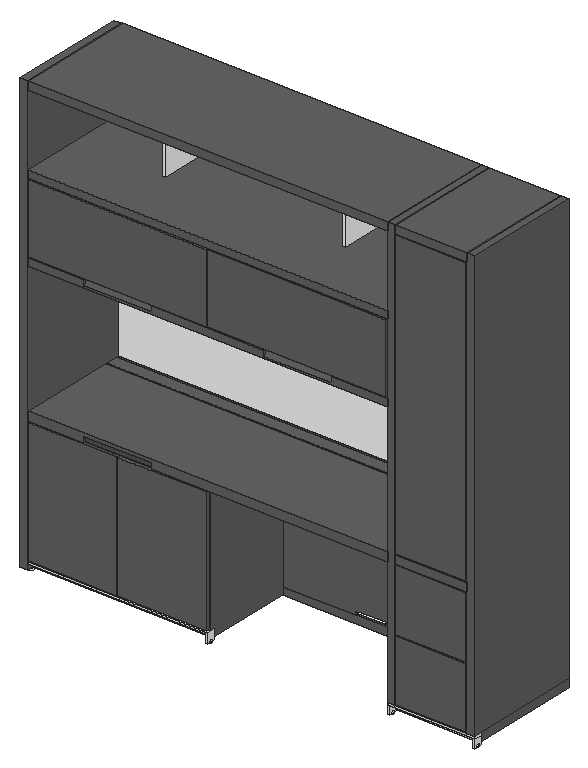
Revit family "Storage-Wall-Teknion-ZXRL_90_High_Without_Lights-R2011", category Furniture Systems, Revit 2013
Parameters (values of type "(See Type Catalog)")
  Working Wall Finish [instance] = Glass - Teknion - K6 - White Backpainted
  Width = 92.642"
  Warranty = "http://www.teknionstudio.com/pdfs/Teknion%20Studio%20Warranty.pdf"
  Wall Unit Finish [instance] = Veneer - Teknion - P7 - Grey Oak
  Unit Weight = 755.00 lbf
  URL = "www.teknionstudio.com"
  Tabletop Cutout Offset = if(Has Double Doors, 0", 4")  # 0"
  Storage Tower = Storage-Unit-Teknion-Tower : Upper Wardrobe & File/File Pedestal
  Series = "B&B Italia"
  Product Page URL = "http://www.teknionstudio.com/acexecutive/"
  Product Line = "AC Executive"
  Product Documentation Link = "http://www.teknionstudio.com/pricing/ac_executive_storage_walls_ppg.pdf"
  Part Number = "ZXRL"
  Model = ""
  Manufacturer Phone = "919-464-2920"
  Manufacturer Fax = "919-464-2927"
  Manufacturer Email = "customersupport@teknionstudio.com"
  Manufacturer Address = "3940 US 70 Business HWY West, Clayton, NC 27520"
  Manufacturer = "Teknion Studio"  # constant formula
  Low Emitting Material = yes
  Low Emitting Finish = yes
  Height = 89.96"
  Has File File Drawers = not(Has Double Doors)  # no
  Has Double Doors = yes
  Description = ""
  Depth = 24"
  Assembly Code = "E2020200"
Reference planes (in)
  plane 1 "Center F/B": y = 0
  plane 2: z = 0
  plane 3 "Center L/R": x = 0
  plane 4 "Left": x = -46.321
  plane 5 "Right": x = 46.321
  plane 6 "Back": y = 12
  plane 7 "Front": y = -12
  plane 8 "Flip up Cabinets Top": z = 73.81394
  plane 9: x = 28.60446
  plane 10: z = 29.68402
  plane 11: z = 56.1289
  plane 12: x = -44.7815
  plane 13: z = 2.1289
  plane 14: x = -8.08858
  plane 15 "Foot Centerline": y = -11.2126
  plane 16 "Tabletop Cutout": y = -12
  plane 17 "Foot Centerline Front": y = -10.22835
  plane 18 "Foot Centerline Back": y = 10.22835
  plane 19 "Top": z = 89.96
  plane 20 "Center Lighting": y = -8.484
Forms (in)
  Sweep 1, solid, material "Veneer - Teknion - P7 - Grey Oak" <- "Wall Unit Finish"
    path origin (0, 0, 15.40683) x (-1, 0, 0) y (0, -1, 0)
      loop
        line (0, -12) -> (0, 12)
    profile origin (0, 0, 15.40683) x (1, 0, 0) y (0, 0, 1)
      loop
        line (-46.321, -14.81732) -> (-44.7815, -14.81732) -> (-44.7815, 74.55317) -> (-46.321, 74.55317) -> (-46.321, -14.81732)
  Sweep 2, solid, material "Metal - Teknion - C6 - Chrome"
    path origin (0, 0, 0) x (1, 0, 0) y (0, 0, 1)
      loop
        line (-44.7815, 2.1289) -> (-8.08858, 2.1289) -> (-8.08858, 0.05803)
    profile origin (-26.43504, 0, 2.1289) x (0, 0, 1) y (0, -1, 0)
      loop
        line (0, 12) -> (-0.394, 12) -> (-0.394, 10.4252) -> (0, 10.4252) -> (0, 12)
  Sweep 3, solid, material "Metal - Teknion - C6 - Chrome"
    path origin (0, 0, 0) x (1, 0, 0) y (0, 0, 1)
      loop
        line (-44.7815, 2.1289) -> (-8.08858, 2.1289)
    profile origin (-26.43504, 0, 2.1289) x (0, 0, 1) y (0, -1, 0)
      loop
        line (-0.394, 10.6222) -> (-1.5748, 10.6222) -> (-1.5748, 10.4252) -> (-0.394, 10.4252) -> (-0.394, 10.6222)
  Revolve 4, solid, material "Metal - Teknion - C6 - Chrome"
    sketch origin (0, -11.2126, 0) x (0, 0, -1) y (1, 0, 0)
      loop
        line (-0.4911, -8.28543) -> (-0.4911, -8.62008) -> (-0.45173, -8.65945) -> (-0.28492, -8.65945) -> (-0.24555, -8.62008) -> (-0.20618, -8.65945) -> (-0.03937, -8.65945) -> (0, -8.62008) -> (0, -8.28543) -> (-0.4911, -8.28543)
      axis (0, -8.28543) -> (-0.4911, -8.28543)
    angle from 0 to 360
  Sweep 5, solid, material "Veneer - Teknion - P7 - Grey Oak" <- "Wall Unit Finish"
    path origin (0, 0, 0) x (1, 0, 0) y (0, 0, 1)
      loop
        line (-44.7815, 29.68402) -> (28.60446, 29.68402)
    profile origin (-8.08852, 0, 29.68402) x (0, 0, 1) y (0, -1, 0)
      loop
        line (0, 12) -> (-1.7638, 12) -> (-1.7638, -7.11393) -> (-5.30827, -7.11393) -> (-5.30827, -7.08268) -> (-27.55512, -7.08268) -> (-27.55512, -7.11393) -> (-29.0945, -7.11393) -> (-29.0945, -7.80668) -> (-5.30828, -7.80668) -> (-5.30828, -12) -> (44.12992, -12) -> (44.12992, 12) -> (42.59055, 12) -> (42.59055, 11.2126) -> (27.98425, 11.2126) -> (27.98425, 12) -> (26.44488, 12) -> (26.44488, -10.94094) -> (0, -10.94094) -> (0, -10.90969) -> (-0.72441, -10.90969) -> (-0.72441, -10.56693) -> (0, -10.56693) -> (0, -8.05709) -> (-0.72441, -8.05709) -> (-0.72441, -7.80709) -> (0, -7.80709) -> (0, 12)
      loop
        line (60.27598, 12) -> (58.73661, 12) -> (58.73661, -12) -> (60.27598, -12) -> (60.27598, 12)
  Sweep 6, solid, material "Veneer - Teknion - P7 - Grey Oak" <- "Wall Unit Finish"
    path origin (0, 0, 0) x (1, 0, 0) y (0, 0, 1)
      loop
        line (-44.7815, 29.68402) -> (-8.08858, 29.68402)
    profile origin (-26.43504, 0, 29.68402) x (0, 0, 1) y (0, -1, 0)
      loop
        line (-1.7638, 11.27559) -> (-27.55512, 11.27559) -> (-27.55512, 10.4252) -> (-29.0945, 10.4252) -> (-29.0945, -12) -> (-1.7638, -12) -> (-1.7638, 11.27559)
  Sweep 7, solid, material "Veneer - Teknion - P7 - Grey Oak" <- "Wall Unit Finish"
    path origin (0, 0, 15.40683) x (-1, 0, 0) y (0, -1, 0)
      loop
        line (0, 12) -> (0, 11.276)
    profile origin (0, -11.638, 15.40683) x (-1, 0, 0) y (0, 0, 1)
      loop
        line (44.5315, 42.51144) -> (44.5315, 56.61773) -> (8.21358, 56.61773) -> (8.21358, 42.51144) -> (44.5315, 42.51144)
      loop
        line (7.96358, 56.61773) -> (-28.35446, 56.61773) -> (-28.35446, 42.51144) -> (7.96358, 42.51144) -> (7.96358, 56.61773)
  Sweep 8, solid, material "Veneer - Teknion - P7 - Grey Oak" <- "Wall Unit Finish", visible <- "Has Double Doors"
    path origin (0, 0, 15.40683) x (-1, 0, 0) y (0, -1, 0)
      loop
        line (0, 12) -> (0, 11.276)
    profile origin (0, -11.638, 15.40683) x (-1, 0, 0) y (0, 0, 1)
      loop
        line (44.5315, 12.26339) -> (26.54031, 12.26339) -> (26.54031, -13.03482) -> (44.5315, -13.03482) -> (44.5315, 12.26339)
      loop
        line (26.29031, 12.26339) -> (8.33858, 12.26339) -> (8.33858, -13.02793) -> (26.29031, -13.02793) -> (26.29031, 12.26339)
  Sweep 9, solid, material "Veneer - Teknion - P7 - Grey Oak" <- "Wall Unit Finish", visible <- "Has File File Drawers"
    path origin (0, 0, 15.40683) x (-1, 0, 0) y (0, -1, 0)
      loop
        line (0, 12) -> (0, 11.276)
    profile origin (0, -11.638, 15.40683) x (-1, 0, 0) y (0, 0, 1)
      loop
        line (44.5315, 12.26339) -> (8.33858, 12.26339) -> (8.33858, 0.01144) -> (44.5315, 0.01144) -> (44.5315, 12.26339)
      loop
        line (8.33858, -0.77597) -> (8.33858, -13.03482) -> (44.5315, -13.03482) -> (44.5315, -0.77597) -> (8.33858, -0.77597)
  Sweep 10, void
    path origin (0, 0, 0) x (1, 0, 0) y (0, 0, 1)
      loop
        line (-33.30512, 29.68402) -> (-19.52559, 29.68402)
    profile origin (-26.41535, 0, 29.68402) x (0, 0, 1) y (0, -1, 0)
      loop
        line (-1.7638, 12) -> (-1.7638, 11.52756) -> (-0.66143, 12) -> (-1.7638, 12)
  Sweep 11, void
    path origin (0, 0, 0) x (1, 0, 0) y (0, 0, 1)
      loop
        line (-33.3248, 56.1289) -> (-19.54528, 56.1289)
    profile origin (-26.43504, 0, 56.1289) x (0, 0, 1) y (0, -1, 0)
      loop
        line (1.53937, 12) -> (0.43699, 12) -> (1.53937, 11.52755) -> (1.53937, 12)
  Sweep 12, void
    path origin (0, 0, 0) x (1, 0, 0) y (0, 0, 1)
      loop
        line (3.36811, 56.1289) -> (17.14764, 56.1289)
    profile origin (10.25787, 0, 56.1289) x (0, 0, 1) y (0, -1, 0)
      loop
        line (1.53937, 11.52755) -> (1.53937, 12) -> (0.43699, 12) -> (1.53937, 11.52755)
  Sweep 13, void
    path origin (0, 0, 15.40683) x (-1, 0, 0) y (0, -1, 0)
      loop
        line (0, -7.80668) -> (0, -7.08268)
    profile origin (0, 7.44468, 15.40683) x (1, 0, 0) y (0, 0, 1)
      loop
        line (13.68307, 8.96892) -> (6.79331, 8.96892) -> (6.79331, 8.10396)
        arc (6.79331, 8.10396) -> (7.02393, 7.54718) -> (7.58071, 7.31655) r 0.7874
        line (7.58071, 7.31655) -> (12.89567, 7.31655)
        arc (12.89567, 7.31655) -> (13.45245, 7.54718) -> (13.68307, 8.10396) r 0.7874
        line (13.68307, 8.10396) -> (13.68307, 8.96892)
      loop
        line (6.79331, -13.27793) -> (13.68307, -13.27793) -> (13.68307, -13.12045)
        arc (13.68307, -13.12045) -> (13.46398, -12.59152) -> (12.93504, -12.37242) r 0.74803
        line (12.93504, -12.37242) -> (7.54134, -12.37242)
        arc (7.54134, -12.37242) -> (7.0124, -12.59152) -> (6.79331, -13.12045) r 0.74803
        line (6.79331, -13.12045) -> (6.79331, -13.27793)
  Revolve 14, solid, material "Metal - Teknion - C6 - Chrome"
    sketch origin (0, -10.22835, 0) x (0, 0, 1) y (1, 0, 0)
      loop
        line (0, -45.55118) -> (0, -46.28917) -> (0.23622, -46.28917) -> (0.23622, -45.83352) -> (0.58951, -45.83352) -> (0.58951, -45.55118) -> (0, -45.55118)
      axis (0, -45.55118) -> (0.58951, -45.55118)
    angle from 0 to 360
  Revolve 15, solid, material "Metal - Teknion - C6 - Chrome"
    sketch origin (0, 10.22835, 0) x (0, 0, 1) y (1, 0, 0)
      loop
        line (0, -45.55118) -> (0, -46.28917) -> (0.23622, -46.28917) -> (0.23622, -45.83352) -> (0.58951, -45.83352) -> (0.58951, -45.55118) -> (0, -45.55118)
      axis (0, -45.55118) -> (0.58951, -45.55118)
    angle from 0 to 360
  Sweep 16, solid, material "Acrylic - Teknion - Clear"
    path origin (0, 0, 15.40683) x (-1, 0, 0) y (0, -1, 0)
      loop
        line (8.08858, -11.25197) -> (8.08858, 0.16535)
    profile origin (-8.08858, 5.54331, 15.40683) x (1, 0, 0) y (0, 0, 1)
      loop
        line (-18.64357, 73.0138) -> (-18.64357, 58.4071) -> (-18.04908, 58.4071) -> (-18.04908, 73.0138) -> (-18.64357, 73.0138)
      loop
        line (18.04935, 73.0138) -> (18.04935, 58.4071) -> (18.64383, 58.4071) -> (18.64383, 73.0138) -> (18.04935, 73.0138)
Cuts and joins
  joined: Sweep 2, Sweep 3, Revolve 4
  Sweep 10, Sweep 11, Sweep 12, Sweep 13 cuts Sweep 5
  joined: Sweep 5, Sweep 6
Lines and regions (in)
  Masking region 1
    outline origin (0, 0, 15.40683) x (-1, 0, 0) y (0, -1, 0)
      loop
        line (46.321, -12) -> (46.321, 12) -> (-28.60446, 12) -> (-28.60446, -12) -> (46.321, -12)
  symbolic lines, style "Elevation Swing"
    curve 1: line (-44.7815, -12, 57.66827) -> (-26.43504, -12, 72.02457)
    curve 2: line (-8.08858, -12, 57.66832) -> (-26.43504, -12, 72.02457)
    curve 3: line (-8.08858, 0, 57.66832) -> (10.25794, 0, 72.19583)
    curve 4: line (10.25794, 0, 72.19583) -> (28.60446, 0, 57.66827)
  symbolic lines, style "Elevation Swing", visible <- "Has Double Doors"
    curve 5: line (-26.41531, 0, 27.86906) -> (-44.7815, 0, 15.02456)
    curve 6: line (-44.7815, 0, 15.02456) -> (-26.41531, 0, 2.21953)
    curve 7: line (-26.41531, 0, 2.21953) -> (-8.08858, 0, 15.02456)
    curve 8: line (-8.08858, 0, 15.02456) -> (-26.41531, 0, 27.86906)
  symbolic lines, detail levels medium+fine
    curve 9: line (-44.7815, 12, 15.40683) -> (-44.7815, -12, 15.40683)
  symbolic lines, style "FurnitureSystemsHiddenLines", detail levels fine
    curve 10: line (28.60446, -11.276, 15.40683) -> (-44.7815, -11.276, 15.40683)
    curve 15: line (-8.08858, 12, 15.40683) -> (-8.08858, -12, 15.40683)
  symbolic lines, visible <- "Has Double Doors"
    curve 11: arc (-26.43504, -12, 15.40683) -> (-21.06149, -24.9729, 15.40683) -> (-8.08858, -30.34646, 15.40683) r 18.34646
    curve 12: line (-44.7815, -12, 15.40683) -> (-44.7815, -30.34646, 15.40683)
    curve 13: line (-8.08858, -12, 15.40683) -> (-8.08858, -30.34646, 15.40683)
    curve 14: arc (-44.7815, -30.34646, 15.40683) -> (-31.80859, -24.9729, 15.40683) -> (-26.43504, -12, 15.40683) r 18.34646
Dimensions and locks (in)
  equal spacing: plane 4 "Left", plane 3 "Center L/R", plane 5 "Right"
  "Width": plane 4 "Left" to plane 5 "Right"
  equal spacing: plane 6 "Back", plane 1 "Center F/B", plane 7 "Front"
  "Depth": plane 6 "Back" to plane 7 "Front"
  locked: plane 9 to plane 5 "Right" at 17.71654
  "Height": plane 19 "Top" to plane 2
  locked: plane 10 to plane 2 at 29.68402
  locked: plane 11 to plane 10 at 26.44488
  locked: plane 13 to plane 2 at 2.1289
  locked: Sweep 2 sketch curve to plane 2 at 0.05803
  locked: plane 13 to Sweep 3 sketch curve at 0.394
  locked: Sweep 3 sketch curve to Sweep 3 sketch curve at 1.1808
  plane 7 "Front" to Sweep 3 sketch curve to Sweep 3 sketch curve = 1.3778" locked, 0.197" locked
  locked: Revolve 4 sketch curve to plane 2 at 0.4911
  locked: plane 14 to Revolve 4 sketch curve at 0.57087  (x2)
  Revolve 4 sketch curve to Revolve 4 sketch curve to Revolve 4 sketch curve to Revolve 4 sketch curve to Revolve 4 sketch curve to plane 2 = 0.16681" locked, 0.03937" locked, 0.03937" locked, 0.16681" locked, 0.03937" locked
  locked: plane 14 to Revolve 4 sketch curve at 0.19685
  locked: plane 7 "Front" to plane 15 "Foot Centerline" at 0.7874
  locked: plane 13 to Sweep 5 sketch curve at 1.53939
  locked: plane 10 to Sweep 5 sketch curve at 1.7638
  locked: Sweep 1 sketch curve to plane 2 at 0.58951
  Sweep 6 sketch curve to Sweep 6 sketch curve to plane 6 "Back" = 23.27559", 0"
  locked: plane 10 to Sweep 6 sketch curve at 1.7638
  locked: plane 7 "Front" to Sweep 6 sketch curve at 1.5748
  locked: plane 14 to plane 3 "Center L/R" at 8.08858
  locked: plane 7 "Front" to Sweep 7 sketch curve at 0.724
  plane 8 "Flip up Cabinets Top" to Sweep 7 sketch curve to Sweep 7 sketch curve = 1.78937" locked, 14.1063" locked
  plane 8 "Flip up Cabinets Top" to Sweep 7 sketch curve to Sweep 7 sketch curve = 1.78937", 14.1063"
  Sweep 7 sketch curve to plane 3 "Center L/R" to Sweep 7 sketch curve to Sweep 7 sketch curve to Sweep 7 sketch curve = 28.35446" locked, 7.96358" locked, 1/4" locked, 36.31791" locked
  locked: plane 7 "Front" to Sweep 8 sketch curve at 0.724
  locked: plane 10 to Sweep 8 sketch curve at 2.0138  (x2)
  locked: Sweep 8 sketch curve to Sweep 8 sketch curve at 25.29821
  locked: Sweep 8 sketch curve to Sweep 8 sketch curve at 25.29132
  Sweep 8 sketch curve to Sweep 8 sketch curve to Sweep 8 sketch curve to Sweep 8 sketch curve to plane 12 = 17.95173" locked, 1/4" locked, 17.99118" locked, 1/4" locked
  locked: plane 7 "Front" to Sweep 9 sketch curve at 0.724
  plane 10 to Sweep 9 sketch curve to Sweep 9 sketch curve to Sweep 9 sketch curve to Sweep 9 sketch curve = 2.0138" locked, 12.25195" locked, 0.7874" locked, 12.25886" locked
  plane 14 to Sweep 9 sketch curve to Sweep 9 sketch curve = 1/4" locked, 36.19291" locked  (x2)
  Sweep 10 sketch curve to Sweep 10 sketch curve to plane 4 "Left" = 13.77953" locked, 13.01588" locked
  locked: plane 10 to Sweep 10 sketch curve at 1.7638
  locked: plane 16 "Tabletop Cutout" to Sweep 10 sketch curve at 0.47244
  "Tabletop Cutout Offset": plane 16 "Tabletop Cutout" to plane 7 "Front"
  Sweep 11 sketch curve to Sweep 11 sketch curve to plane 4 "Left" = 13.77953" locked, 12.9962" locked
  locked: Sweep 11 sketch curve to plane 11 at 1.53937
  locked: Sweep 11 sketch curve to plane 11 at 0.43699
  locked: plane 7 "Front" to Sweep 11 sketch curve at 0.47245
  Sweep 12 sketch curve to Sweep 12 sketch curve to plane 11 = 1.10238" locked, 0.43699" locked
  locked: plane 7 "Front" to Sweep 12 sketch curve at 0.47245
  locked: Sweep 13 sketch curve to plane 13 at 0.90551
  Sweep 13 sketch curve to Sweep 13 sketch curve to plane 3 "Center L/R" = 6.88976" locked, 6.79331" locked  (x2)
  plane 10 to Sweep 13 sketch curve to Sweep 13 sketch curve = 5.30827" locked, 1 167/256" locked
  plane 6 "Back" to Sweep 13 sketch curve to Sweep 13 sketch curve = 4.19332" locked, 0.724" locked
  locked: Revolve 14 sketch curve to plane 4 "Left" at 0.76982
  Revolve 14 sketch curve to Revolve 14 sketch curve to plane 2 = 0.35329" locked, 0.23622" locked
  locked: Revolve 14 sketch curve to plane 4 "Left" at 0.03183
  locked: Revolve 15 sketch curve to plane 4 "Left" at 0.76982
  Revolve 15 sketch curve to Revolve 15 sketch curve to plane 2 = 0.35329" locked, 0.23622" locked
  locked: Revolve 15 sketch curve to plane 4 "Left" at 0.03183
  equal spacing: plane 14, curve 2, plane 12
  equal spacing: plane 9, curve 4, plane 14
  locked: plane 7 "Front" to curve 10 at 0.724
  plane 6 "Back" to Sweep 16 sketch curve to Sweep 16 sketch curve = 0.74803" locked, 11.41732" locked
  Sweep 16 sketch curve to Sweep 16 sketch curve to plane 14 = 0.59449" locked, 18.04935" locked
  plane 14 to Sweep 16 sketch curve to Sweep 16 sketch curve = 18.04908" locked, 0.59449" locked
  locked: plane 19 "Top" to Sweep 5 sketch curve at 1.53937
  locked: plane 8 "Flip up Cabinets Top" to Sweep 5 sketch curve at 1.53937
  locked: Sweep 5 sketch curve to plane 11 at 1.53937
  locked: plane 4 "Left" to plane 12 at 1.5395
  locked: plane 19 "Top" to plane 8 "Flip up Cabinets Top" at 16.14606
  locked: plane 6 "Back" to plane 18 "Foot Centerline Back" at 1.77165
  locked: plane 17 "Foot Centerline Front" to plane 7 "Front" at 1.77165
  equal spacing: plane 12, curve 14, plane 14
  locked: plane 7 "Front" to plane 20 "Center Lighting" at 3.516
  aligned and locked: level to plane 2
  aligned and locked: nested 1 to plane 5 "Right"
  aligned and locked: plane 6 "Back" to Sweep 1 sketch curve
  aligned and locked: plane 7 "Front" to Sweep 1 sketch curve
  aligned and locked: Sweep 1 sketch curve to plane 3 "Center L/R"
  aligned and locked: plane 4 "Left" to Sweep 1 sketch curve  (x2)
  aligned and locked: plane 12 to Sweep 2 sketch curve
  aligned and locked: Sweep 2 sketch curve to plane 13  (x2)
  aligned and locked: Sweep 2 sketch curve to plane 7 "Front"
  aligned and locked: plane 12 to Sweep 3 sketch curve
  aligned and locked: plane 14 to Sweep 3 sketch curve
  aligned and locked: Sweep 3 sketch curve to plane 13
  aligned and locked: plane 2 to Revolve 4 sketch curve
  aligned and locked: Revolve 4 sketch curve to plane 2
  aligned and locked: plane 12 to Sweep 5 sketch curve
  aligned and locked: plane 9 to Sweep 5 sketch curve
  aligned and locked: Sweep 5 sketch curve to plane 10  (x3)
  aligned and locked: Sweep 5 sketch curve to plane 7 "Front"  (x3)
  aligned and locked: plane 6 "Back" to Sweep 5 sketch curve
  aligned and locked: plane 14 to Sweep 6 sketch curve
  aligned and locked: plane 12 to Sweep 6 sketch curve
  aligned and locked: Sweep 6 sketch curve to plane 10
  aligned and locked: plane 13 to Sweep 6 sketch curve
  aligned and locked: plane 3 "Center L/R" to Sweep 7 sketch curve
  aligned and locked: plane 7 "Front" to Sweep 7 sketch curve
  aligned and locked: Sweep 5 sketch curve to plane 11
  aligned and locked: plane 3 "Center L/R" to Sweep 8 sketch curve
  aligned and locked: plane 7 "Front" to Sweep 8 sketch curve
  aligned and locked: plane 7 "Front" to Sweep 9 sketch curve
  aligned and locked: plane 3 "Center L/R" to Sweep 9 sketch curve
  aligned and locked: Sweep 10 sketch curve to plane 10
  aligned and locked: plane 16 "Tabletop Cutout" to Sweep 10 sketch curve
  aligned and locked: Sweep 11 sketch curve to plane 11
  aligned and locked: Sweep 12 sketch curve to plane 11
  aligned and locked: Sweep 12 sketch curve to plane 7 "Front"
  aligned and locked: Sweep 13 sketch curve to plane 3 "Center L/R"
  aligned and locked: Sweep 13 sketch curve to plane 13
  aligned and locked: plane 2 to Revolve 14 sketch curve
  aligned and locked: Revolve 15 sketch curve to plane 2
  aligned and locked: plane 12 to curve 1
  aligned and locked: plane 14 to curve 2
  aligned and locked: Sweep 7 to curve 2
  aligned and locked: plane 9 to curve 4
  aligned and locked: plane 14 to curve 3
  aligned and locked: Masking region 1 sketch curve to plane 6 "Back"
  aligned and locked: plane 4 "Left" to Masking region 1 sketch curve
  aligned and locked: Masking region 1 sketch curve to plane 7 "Front"
  aligned and locked: Masking region 1 sketch curve to nested 1
  aligned and locked: plane 6 "Back" to curve 9
  aligned and locked: plane 7 "Front" to curve 9
  aligned and locked: curve 9 to plane 12
  aligned and locked: plane 9 to curve 10
  aligned and locked: curve 12 to plane 12
  aligned and locked: curve 13 to plane 14
  aligned and locked: plane 6 "Back" to curve 15
  aligned and locked: plane 7 "Front" to curve 15
  aligned and locked: curve 15 to plane 14
  aligned and locked: plane 7 "Front" to Sweep 11 sketch curve
  aligned and locked: Sweep 1 sketch curve to plane 19 "Top"
  aligned and locked: Sweep 16 sketch curve to plane 14
  aligned and locked: plane 8 "Flip up Cabinets Top" to Sweep 16 sketch curve  (x2)
  aligned and locked: Sweep 5 sketch curve to plane 8 "Flip up Cabinets Top"
  aligned and locked: Sweep 5 sketch curve to plane 6 "Back"
  aligned and locked: Sweep 5 sketch curve to plane 19 "Top"
  aligned and locked: Sweep 5 sketch curve to plane 15 "Foot Centerline"
  aligned and locked: plane 7 "Front" to Sweep 5 sketch curve
  aligned and locked: plane 2 to nested 1
  aligned and locked: Sweep 1 sketch curve to plane 12
  aligned and locked: plane 7 "Front" to curve 14
  aligned and locked: plane 1 "Center F/B" to nested 1
Automatic sketch dimensions
  Sweep 2 sketch curve to plane 3 "Center L/R" = 8.08858"
  Sweep 2 sketch curve to Sweep 2 sketch curve = 1.5748"
  Revolve 4 sketch curve to Revolve 4 sketch curve = 0"  (x2)
  Revolve 4 sketch curve to Revolve 4 sketch curve = 0.03937"  (x2)
  Sweep 6 sketch curve to Sweep 6 sketch curve = 1.53939"
  profile plane to Sweep 10 sketch curve = 0.66143"
  plane 3 "Center L/R" to Sweep 12 sketch curve = 3.36811"
  Sweep 12 sketch curve to plane 9 = 11.45683"
  Sweep 13 sketch curve to Sweep 13 sketch curve = 0.7874"  (x2)
  Sweep 13 sketch curve to Sweep 13 sketch curve = 0.15748"  (x2)
  Revolve 14 sketch curve to level = 0"
  Revolve 14 sketch curve to Revolve 14 sketch curve = 0"  (x2)
  Revolve 14 sketch curve to Revolve 14 sketch curve = 0.28234"
  Revolve 15 sketch curve to level = 0"
  Revolve 15 sketch curve to Revolve 15 sketch curve = 0"  (x2)
  Revolve 15 sketch curve to Revolve 15 sketch curve = 0.28234"
  plane 11 to curve 2 = 1.53942"
  plane 11 to curve 1 = 1.53937"
  curve 5 to plane 12 = 0"
  curve 7 to plane 14 = 0"
  plane 12 to curve 5 = 18.36618"
  plane 13 to curve 6 = 0.09063"
  curve 6 to plane 14 = 18.32673"
  curve 8 to plane 10 = 1.81496"
  plane 13 to curve 7 = 12.89566"
  plane 13 to curve 5 = 12.89566"
  plane 11 to curve 4 = 1.53937"
  plane 11 to curve 3 = 1.53942"
  curve 3 to plane 8 "Flip up Cabinets Top" = 1.61811"
  curve 14 to curve 11 = 0"
  Sweep 2 sketch curve to Sweep 2 sketch curve = 0.394"
  Sweep 16 sketch curve to Sweep 16 sketch curve = 14.60669"  (x2)
  profile plane to Sweep 5 sketch curve = 0"
  Sweep 5 sketch curve to Sweep 5 sketch curve = 1.53939"
  Sweep 5 sketch curve to Sweep 5 sketch curve = 3.54449"
  Sweep 5 sketch curve to Sweep 5 sketch curve = 0"
  Sweep 5 sketch curve to Sweep 5 sketch curve = 0.72441"
  profile plane to Sweep 5 sketch curve = 0.72441"
  Sweep 5 sketch curve to plane 1 "Center F/B" = 10.94094"
  Sweep 5 sketch curve to Sweep 5 sketch curve = 1/32"  (x2)
  Sweep 5 sketch curve to Sweep 5 sketch curve = 0.34277"
  Sweep 5 sketch curve to Sweep 5 sketch curve = 2.50984"
  Sweep 5 sketch curve to Sweep 5 sketch curve = 1/4"
  Sweep 5 sketch curve to Sweep 5 sketch curve = 4.19332"
  Sweep 5 sketch curve to Sweep 5 sketch curve = 0.69275"
  Sweep 5 sketch curve to Sweep 5 sketch curve = 0.69316"
Nested families (in)
  nested 1: "Storage-Unit-Teknion-Tower" at (37.46273, 0, 0), type <- "Storage Tower", Height <- "Height", type "Upper Wardrobe & File/File Pedestal"
    with Height 89.96", Has Top Shelf no, Bottom Drawer Height 13.047"
Definition of nested family "Storage-Unit-Teknion-Tower"
  Parameters (values of type "Upper Wardrobe & Lower Door")
    Width = 17.71654"
    Warranty = "http://www.teknionstudio.com/pdfs/Teknion%20Studio%20Warranty.pdf"
    Wall Unit Finish = Veneer - Teknion - P8 - Light Brushed Oak
    URL = "www.teknionstudio.com"
    Series = "B&B Italia"
    Product Line = "AC Executive"
    Model = ""
    Middle Drawer Height = if(Has Top Drawer, 6.425", 12.719")  # 12.719"
    Manufacturer Phone = "919-464-2920"
    Manufacturer Fax = "919-464-2927"
    Manufacturer Email = "customersupport@teknionstudio.com"
    Manufacturer Address = "3940 US 70 Business HWY West, Clayton, NC 27520"
    Manufacturer = "Teknion Studio"  # constant formula
    Height [instance] = 73.81394"
    Has Top Shelf [instance] = and(Height > 75", Has Shelves)  # no
    Has Top Drawer = no
    Has Top Door = yes
    Has Shelves = no
    Has Right Leg = yes
    Has Middle Drawer = no
    Has Lower Shelf = yes
    Has Left Leg = yes
    Has Full Wardrobe Door = no
    Has Doors = yes
    Door Projection Symbol = yes
    Description = "Tower Storage Unit"
    Depth = 24"
    Bottom Drawer Height [instance] = if(Has Middle Drawer, 13.047", if(Has Top Drawer, 13.047", if(Has Full Wardrobe Door, (Height - 3.668"), 26.016")))  # 26.016"
    Assembly Code = "E2010200"
  Types (7): name | Wall Unit Finish | Series | Product Line | Middle Drawer Height | Has Top Drawer | Has Top Door | Has Shelves | Has Middle Drawer | Has Lower Shelf | Has Full Wardrobe Door | Has Doors | Door Projection Symbol | Bottom Drawer Height
    Upper Shelves & Lower Door | none | "AC Executive" | "" | 12.719" | no | no | yes | no | yes | no | yes | yes | 26.016"
    Upper Shelves & File/File Pedestal | none | "AC Executive" | "" | 12.719" | no | no | yes | yes | yes | no | no | no | 13.047"
    Upper Shelves & Box/Box/File Pedestal | Veneer - Teknion - P8 - Light Brushed Oak | "AC Executive" | "" | 6.425" | yes | no | yes | yes | yes | yes | no | no | 13.047"
    Full Wardrobe | none | "AC Executive" | "" | 12.719" | no | no | no | no | no | yes | yes | yes | 70.14594"
    Upper Wardrobe & Lower Door | Veneer - Teknion - P8 - Light Brushed Oak | "B&B Italia" | "AC Executive" | 12.719" | no | yes | no | no | yes | no | yes | yes | 26.016"
    Upper Wardrobe & File/File Pedestal | none | "AC Executive" | "" | 12.719" | no | yes | no | yes | yes | no | no | yes | 13.047"
    Upper Wardrobe & Box/Box/File Pedestal | none | "AC Executive" | "" | 6.425" | yes | yes | no | yes | yes | no | no | yes | 13.047"
  Reference planes (in)
    plane 1 "Center F/B": y = 0
    plane 2: z = 0
    plane 3 "Center L/R": x = 0
    plane 4 "Left": x = -8.85827
    plane 5 "Right": x = 8.85827
    plane 6 "Back": y = 12
    plane 7 "Front": y = -12
    plane 8 "Top": z = 73.81394
    plane 9: x = -7.3189
    plane 10: x = 7.3189
    plane 11: z = 2.1289
    plane 12 "Foot Centerline": y = -11.2126
    plane 13: z = 29.68402
    plane 14 "Drawer 1 Top": z = 28.1449
    plane 15 "Drawer 2 Top": z = 40.8639
    plane 16 "Drawer 3 Top": z = 27.89502
    plane 17: z = 42.13677
  Forms (in)
    Sweep 1, solid, material "Metal - Teknion - C6 - Chrome", visible <- "Has Left Leg"
      path origin (0, -12, 0) x (1, 0, 0) y (0, 0, 1)
        loop
          line (-8.85827, 1.7349) -> (-8.85827, 0.05803)
      profile origin (-8.85827, -12, 0.89646) x (0, -1, 0) y (1, 0, 0)
        loop
          line (-1.5748, 0) -> (0, 0) -> (0, 0.394) -> (-1.5748, 0.394) -> (-1.5748, 0)
    Sweep 2, solid, material "Metal - Teknion - C6 - Chrome"
      path origin (0, -12, 0) x (1, 0, 0) y (0, 0, 1)
        loop
          line (-8.46427, 2.1289) -> (8.46427, 2.1289)
      profile origin (0, -12, 2.1289) x (0, 0, 1) y (0, -1, 0)
        loop
          line (-0.394, -1.5748) -> (-0.394, -1.3778) -> (-1.575, -1.3778) -> (-1.575, -1.5748) -> (-0.394, -1.5748)
    Revolve 3, solid, material "Metal - Teknion - C6 - Chrome"
      sketch origin (0, -11.2126, 0) x (0, 0, -1) y (1, 0, 0)
        loop
          line (-0.4911, 8.32677) -> (-0.45173, 8.2874) -> (-0.28492, 8.2874) -> (-0.24555, 8.32677) -> (-0.20618, 8.2874) -> (-0.03937, 8.2874) -> (0, 8.32677) -> (0, 8.66142) -> (-0.4911, 8.66142) -> (-0.4911, 8.32677)
        axis (0, 8.66142) -> (-0.4911, 8.66142)
      angle from 0 to 360
    Revolve 4, solid, material "Metal - Teknion - C6 - Chrome", visible <- "Has Left Leg"
      sketch origin (0, -11.2126, 0) x (0, 0, -1) y (1, 0, 0)
        loop
          line (0, -8.99606) -> (0, -8.66142) -> (-0.4911, -8.66142) -> (-0.4911, -8.99606) -> (-0.45173, -9.03543) -> (-0.28492, -9.03543) -> (-0.24555, -8.99606) -> (-0.20618, -9.03543) -> (-0.03937, -9.03543) -> (0, -8.99606)
        axis (0, -8.66142) -> (-0.4911, -8.66142)
      angle from 0 to 360
    Sweep 5, solid, material "Veneer - Teknion - P8 - Light Brushed Oak" <- "Wall Unit Finish"
      path origin (0, 0, 0) x (1, 0, 0) y (0, 0, 1)
        loop
          line (0, 2.1289) -> (0, 73.81394)
      profile origin (0, 0, 37.97142) x (-1, 0, 0) y (0, -1, 0)
        loop
          line (8.85827, -12) -> (8.85827, 12) -> (7.3189, 12) -> (7.3189, -12) -> (8.85827, -12)
        loop
          line (-7.3189, 12) -> (-8.85827, 12) -> (-8.85827, -12) -> (-7.3189, -12) -> (-7.3189, 12)
    Sweep 6, solid, material "Veneer - Teknion - P8 - Light Brushed Oak" <- "Wall Unit Finish"
      path origin (0, 0, 15.40683) x (-1, 0, 0) y (0, -1, 0)
        loop
          line (0, -12) -> (0, 12)
      profile origin (0, 0, 15.40683) x (1, 0, 0) y (0, 0, 1)
        loop
          line (-7.3189, 58.4071) -> (-7.3189, 56.86773) -> (7.3189, 56.86773) -> (7.3189, 58.4071) -> (-7.3189, 58.4071)
    Sweep 7, solid, material "Veneer - Teknion - P8 - Light Brushed Oak" <- "Wall Unit Finish"
      path origin (0, -12, 0) x (1, 0, 0) y (0, 0, 1)
        loop
          line (0, 2.1289) -> (0, 72.27457)
      profile origin (0, -12, 37.20173) x (-1, 0, 0) y (0, -1, 0)
        loop
          line (7.3189, -24) -> (7.3189, -23.25) -> (-7.3189, -23.25) -> (-7.3189, -24) -> (7.3189, -24)
    Sweep 8, solid, material "Veneer - Teknion - P8 - Light Brushed Oak" <- "Wall Unit Finish", visible <- "Has Lower Shelf"
      path origin (0, -12, 0) x (1, 0, 0) y (0, 0, 1)
        loop
          line (-7.3189, 29.68402) -> (7.3189, 29.68402)
      profile origin (0, -12, 29.68402) x (0, 0, 1) y (0, -1, 0)
        loop
          line (0, 0) -> (-1.539, 0) -> (-1.539, -0.724) -> (-27.55512, -0.724) -> (-27.55512, -23.25) -> (0, -23.25) -> (0, 0)
    Sweep 9, solid, material "Veneer - Teknion - P8 - Light Brushed Oak" <- "Wall Unit Finish"
      path origin (0, -12, 0) x (1, 0, 0) y (0, 0, 1)
        loop
          line (0, 2.3789) -> (0, 27.8949)
      profile origin (0, -12, 15.1369) x (-1, 0, 0) y (0, -1, 0)
        loop
          line (7.0689, -0.724) -> (7.0689, 0) -> (-7.0689, 0) -> (-7.0689, -0.724) -> (7.0689, -0.724)
    Sweep 10, solid, material "Veneer - Teknion - P8 - Light Brushed Oak" <- "Wall Unit Finish", visible <- "Has Middle Drawer"
      path origin (0, -12, 0) x (1, 0, 0) y (0, 0, 1)
        loop
          line (0, 28.1449) -> (0, 40.8639)
      profile origin (0, -12, 34.5044) x (-1, 0, 0) y (0, -1, 0)
        loop
          line (7.0689, -0.724) -> (7.0689, 0) -> (-7.0689, 0) -> (-7.0689, -0.724) -> (7.0689, -0.724)
    Sweep 11, solid, material "Veneer - Teknion - P8 - Light Brushed Oak" <- "Wall Unit Finish", visible <- "Has Top Drawer"
      path origin (0, -12, 0) x (1, 0, 0) y (0, 0, 1)
        loop
          line (0, 47.15802) -> (0, 41.1139)
      profile origin (0, -12, 44.13596) x (0, -1, 0) y (1, 0, 0)
        loop
          line (0, 7.0689) -> (-0.724, 7.0689) -> (-0.724, -7.0689) -> (0, -7.0689) -> (0, 7.0689)
    Sweep 12, solid, material "Veneer - Teknion - P8 - Light Brushed Oak" <- "Wall Unit Finish", visible <- "Has Shelves"
      path origin (0, -12, 0) x (1, 0, 0) y (0, 0, 1)
        loop
          line (0, 42.13677) -> (0, 43.67614)
      profile origin (0, -12, 42.90646) x (-1, 0, 0) y (0, -1, 0)
        loop
          line (7.3189, -23.25) -> (7.3189, 0) -> (-7.3189, 0) -> (-7.3189, -23.25) -> (7.3189, -23.25)
    Sweep 13, solid, material "Veneer - Teknion - P8 - Light Brushed Oak" <- "Wall Unit Finish", visible <- "Has Shelves"
      path origin (0, -12, 13.9918) x (1, 0, 0) y (0, 0, 1)
        loop
          line (0, 42.13677) -> (0, 43.67614)
      profile origin (0, -12, 56.89825) x (-1, 0, 0) y (0, -1, 0)
        loop
          line (7.3189, -23.25) -> (7.3189, 0) -> (-7.3189, 0) -> (-7.3189, -23.25) -> (7.3189, -23.25)
    Sweep 14, solid, material "Veneer - Teknion - P8 - Light Brushed Oak" <- "Wall Unit Finish", visible <- "Has Top Door"
      path origin (0, -12, 0) x (1, 0, 0) y (0, 0, 1)
        loop
          line (0, 29.93402) -> (0, 72.02457)
      profile origin (0, -12, 50.97929) x (-1, 0, 0) y (0, -1, 0)
        loop
          line (7.0689, -0.724) -> (7.0689, 0) -> (-7.0689, 0) -> (-7.0689, -0.724) -> (7.0689, -0.724)
    Sweep 15, solid, material "Veneer - Teknion - P8 - Light Brushed Oak" <- "Wall Unit Finish"
      path origin (0, -12, 0) x (1, 0, 0) y (0, 0, 1)
        loop
          line (-8.85827, 2.1289) -> (8.85827, 2.1289)
      profile origin (0, -12, 2.1289) x (0, 0, 1) y (0, -1, 0)
        loop
          line (0, -1.5748) -> (-1.53937, -1.5748) -> (-1.53937, -24) -> (0, -24) -> (0, -1.5748)
    Sweep 16, solid, material "Veneer - Teknion - P8 - Light Brushed Oak" <- "Wall Unit Finish", visible <- "Has Top Shelf"
      path origin (0, 0, 0) x (1, 0, 0) y (0, 0, 1)
        loop
          line (0, 73.81394) -> (0, 72.27457)
      profile origin (0, 0, 73.04425) x (0, -1, 0) y (1, 0, 0)
        loop
          line (-11.25, -7.3189) -> (12, -7.3189) -> (12, 7.3189) -> (-11.25, 7.3189) -> (-11.25, -7.3189)
    Sweep 17, solid, material "Metal - Teknion - C6 - Chrome"
      path origin (0, 0, 0) x (1, 0, 0) y (0, 0, 1)
        loop
          line (-8.85827, 2.1289) -> (8.85827, 2.1289)
      profile origin (0, 0, 2.1289) x (0, 0, 1) y (0, -1, 0)
        loop
          line (0, 10.4252) -> (0, 12) -> (-0.394, 12) -> (-0.394, 10.4252) -> (0, 10.4252)
    Sweep 18, solid, material "Metal - Teknion - C6 - Chrome"
      path origin (0, 0, 0) x (1, 0, 0) y (0, 0, 1)
        loop
          line (8.85827, 1.7349) -> (8.85827, 0.05803)
      profile origin (8.85827, 0, 0.89646) x (0, -1, 0) y (1, 0, 0)
        loop
          line (10.4252, -0.394) -> (12, -0.394) -> (12, 0) -> (10.4252, 0) -> (10.4252, -0.394)
  Lines and regions (in)
    Masking region 1
      outline origin (0, 0, 15.40683) x (-1, 0, 0) y (0, -1, 0)
        loop
          line (8.85827, -12) -> (8.85827, 12) -> (-8.85827, 12) -> (-8.85827, -12) -> (8.85827, -12)
    symbolic lines, style "FurnitureSystems", detail levels medium+fine
      curve 1: line (-7.3189, 12, 15.40683) -> (-7.3189, -12, 15.40683)
      curve 2: line (7.3189, 12, 15.40683) -> (7.3189, -12, 15.40683)
    symbolic lines, style "FurnitureSystemsHiddenLines", detail levels fine
      curve 3: line (-7.3189, -11.276, 15.40683) -> (7.3189, -11.276, 15.40683)
    symbolic lines, style "Elevation Swing", visible <- "Has Doors"
      curve 4: line (-7.3189, -12, 2.1289) -> (7.3189, -12, 15.1369)
      curve 5: line (7.3189, -12, 15.1369) -> (-7.3189, -12, 28.1449)
    symbolic lines, style "Elevation Swing", visible <- "Has Top Door"
      curve 6: line (-7.3189, -12, 29.68402) -> (7.3189, -12, 50.97929)
      curve 7: line (7.3189, -12, 50.97929) -> (-7.3189, -12, 72.27457)
    symbolic lines, style "FurnitureSystems", visible <- "Door Projection Symbol"
      curve 8: arc (-7.3189, -12, 0) -> (-3.03159, -22.35048, 0) -> (7.3189, -26.6378, 0) r 14.6378
    symbolic lines, visible <- "Door Projection Symbol"
      curve 9: line (7.3189, -12, 15.40683) -> (7.3189, -26.6378, 15.40683)
  Dimensions and locks (in)
    equal spacing: plane 4 "Left", plane 3 "Center L/R", plane 5 "Right"
    "Width": plane 4 "Left" to plane 5 "Right"
    equal spacing: plane 6 "Back", plane 1 "Center F/B", plane 7 "Front"
    "Depth": plane 6 "Back" to plane 7 "Front"
    locked: plane 4 "Left" to plane 9 at 1.53937
    locked: plane 10 to plane 5 "Right" at 1.53937
    "Height": plane 8 "Top" to level
    locked: Sweep 1 sketch curve to level at 0.05803
    locked: plane 11 to plane 2 at 2.1289
    plane 11 to Sweep 2 sketch curve to Sweep 2 sketch curve = 0.394" locked, 1.181" locked
    plane 7 "Front" to Sweep 2 sketch curve to Sweep 2 sketch curve = 1.3778" locked, 0.197" locked
    locked: Revolve 3 sketch curve to plane 2 at 0.4911  (x2)
    locked: plane 5 "Right" to Revolve 3 sketch curve at 0.57087
    locked: plane 7 "Front" to plane 12 "Foot Centerline" at 0.7874
    Revolve 3 sketch curve to Revolve 3 sketch curve to Revolve 3 sketch curve to Revolve 3 sketch curve to plane 2 = 0.16681" locked, 0.07874" locked, 0.16681" locked, 0.03937" locked
    locked: Revolve 4 sketch curve to plane 2 at 0.4911  (x2)
    locked: Revolve 4 sketch curve to Revolve 4 sketch curve at 0.37402
    Revolve 4 sketch curve to Revolve 4 sketch curve to Revolve 4 sketch curve to Revolve 4 sketch curve to plane 2 = 0.16681" locked, 0.07874" locked, 0.16681" locked, 0.03937" locked
    locked: Revolve 4 sketch curve to plane 4 "Left" at 0.19685
    locked: plane 8 "Top" to Sweep 6 sketch curve at 1.53937
    locked: plane 8 "Top" to Sweep 7 sketch curve at 1.53937
    locked: plane 6 "Back" to Sweep 7 sketch curve at 0.75
    locked: plane 13 to plane 2 at 29.68402
    locked: plane 7 "Front" to Sweep 8 sketch curve at 0.724
    locked: plane 13 to Sweep 8 sketch curve at 1.539
    locked: plane 13 to plane 16 "Drawer 3 Top" at 1.789
    "Bottom Drawer Height": plane 14 "Drawer 1 Top" to plane 11
    "Middle Drawer Height": plane 15 "Drawer 2 Top" to plane 14 "Drawer 1 Top"
    locked: plane 14 "Drawer 1 Top" to Sweep 9 sketch curve at 0.25
    locked: plane 7 "Front" to Sweep 9 sketch curve at 0.724
    locked: Sweep 10 sketch curve to plane 12 "Foot Centerline" at 0.0634
    locked: plane 7 "Front" to Sweep 11 sketch curve at 0.724
    locked: plane 17 to plane 13 at 12.45276
    group 1 to group 2 = 0"  (x2)
    group 1 to group 2 = 13.9918"
    locked: Sweep 13 to plane 17 at 13.9918
    locked: plane 8 "Top" to Sweep 14 sketch curve at 1.78937
    locked: Sweep 14 sketch curve to plane 13 at 0.25
    locked: plane 7 "Front" to Sweep 14 sketch curve at 0.724
    locked: plane 11 to Sweep 15 sketch curve at 1.53937
    locked: plane 7 "Front" to Sweep 15 sketch curve at 1.5748
    equal spacing: Sweep 6, curve 7, plane 13
    equal spacing: plane 14 "Drawer 1 Top", curve 5, plane 11
    locked: plane 6 "Back" to Sweep 16 sketch curve at 0.75
    Sweep 16 sketch curve to Sweep 16 sketch curve to plane 2 = 1.53937" locked, 72.27457" locked
    locked: Sweep 9 sketch curve to plane 11 at 0.25
    locked: plane 9 to Sweep 9 sketch curve at 0.25
    locked: Sweep 9 sketch curve to plane 10 at 0.25
    locked: Sweep 11 sketch curve to plane 15 "Drawer 2 Top" at 0.25
    locked: plane 9 to Sweep 11 sketch curve at 0.25
    locked: Sweep 11 sketch curve to plane 10 at 0.25
    locked: Sweep 10 sketch curve to plane 10 at 0.25
    locked: plane 9 to Sweep 10 sketch curve at 0.25
    locked: Sweep 11 sketch curve to Sweep 11 sketch curve at 6.04412
    locked: Sweep 14 sketch curve to plane 10 at 0.25
    locked: plane 9 to Sweep 14 sketch curve at 0.25
    locked: plane 4 "Left" to Sweep 1 sketch curve at 0.394
    locked: plane 7 "Front" to Sweep 1 sketch curve at 1.5748
    locked: plane 11 to Sweep 1 sketch curve at 0.394
    locked: Sweep 17 sketch curve to plane 7 "Front" at 1.5748
    locked: plane 11 to Sweep 17 sketch curve at 0.394
    locked: Sweep 18 sketch curve to plane 2 at 0.05803
    locked: Sweep 18 sketch curve to plane 5 "Right" at 0.394
    locked: plane 7 "Front" to Sweep 18 sketch curve at 1.5748
    locked: plane 11 to Sweep 18 sketch curve at 0.394
    locked: plane 5 "Right" to Sweep 2 sketch curve at 0.394
    locked: Sweep 2 sketch curve to plane 4 "Left" at 0.394
    aligned and locked: level to plane 2
    aligned and locked: Sweep 1 sketch curve to plane 4 "Left"
    aligned and locked: Sweep 2 sketch curve to plane 11
    aligned and locked: plane 2 to Revolve 3 sketch curve
    aligned and locked: Revolve 3 sketch curve to plane 2
    aligned and locked: plane 2 to Revolve 4 sketch curve
    aligned and locked: Revolve 4 sketch curve to plane 2
    aligned and locked: plane 8 "Top" to Sweep 5 sketch curve
    aligned and locked: plane 11 to Sweep 5 sketch curve
    aligned and locked: plane 3 "Center L/R" to Sweep 5 sketch curve
    aligned and locked: Sweep 5 sketch curve to plane 6 "Back"
    aligned and locked: plane 6 "Back" to Sweep 5 sketch curve
    aligned and locked: Sweep 5 sketch curve to plane 10
    aligned and locked: plane 5 "Right" to Sweep 5 sketch curve
    aligned and locked: Sweep 5 sketch curve to plane 9
    aligned and locked: plane 4 "Left" to Sweep 5 sketch curve
    aligned and locked: Sweep 5 sketch curve to plane 7 "Front"
    aligned and locked: plane 7 "Front" to Sweep 5 sketch curve
    aligned and locked: plane 6 "Back" to Sweep 6 sketch curve
    aligned and locked: plane 7 "Front" to Sweep 6 sketch curve
    aligned and locked: Sweep 6 sketch curve to plane 3 "Center L/R"
    aligned and locked: plane 9 to Sweep 6 sketch curve
    aligned and locked: Sweep 6 sketch curve to plane 8 "Top"
    aligned and locked: Sweep 6 sketch curve to plane 10
    aligned and locked: plane 11 to Sweep 7 sketch curve
    aligned and locked: plane 3 "Center L/R" to Sweep 7 sketch curve
    aligned and locked: plane 9 to Sweep 7 sketch curve
    aligned and locked: Sweep 7 sketch curve to plane 10
    aligned and locked: Sweep 7 sketch curve to plane 6 "Back"
    aligned and locked: plane 9 to Sweep 8 sketch curve
    aligned and locked: plane 10 to Sweep 8 sketch curve
    aligned and locked: Sweep 8 sketch curve to plane 13  (x2)
    aligned and locked: plane 7 "Front" to Sweep 8 sketch curve
    aligned and locked: Sweep 8 sketch curve to plane 11
    aligned and locked: plane 3 "Center L/R" to Sweep 9 sketch curve
    aligned and locked: Sweep 9 sketch curve to plane 7 "Front"
    aligned and locked: plane 15 "Drawer 2 Top" to Sweep 10 sketch curve
    aligned and locked: plane 14 "Drawer 1 Top" to Sweep 10 sketch curve
    aligned and locked: plane 3 "Center L/R" to Sweep 10 sketch curve
    aligned and locked: plane 7 "Front" to Sweep 10 sketch curve
    aligned and locked: Sweep 11 sketch curve to plane 3 "Center L/R"
    aligned and locked: Sweep 11 sketch curve to plane 7 "Front"
    aligned and locked: Sweep 13 to plane 9
    aligned and locked: plane 3 "Center L/R" to Sweep 14 sketch curve
    aligned and locked: Sweep 14 sketch curve to plane 7 "Front"
    aligned and locked: plane 4 "Left" to Sweep 15 sketch curve
    aligned and locked: plane 5 "Right" to Sweep 15 sketch curve
    aligned and locked: Sweep 15 sketch curve to plane 11  (x2)
    aligned and locked: Sweep 15 sketch curve to plane 6 "Back"
    aligned and locked: plane 4 "Left" to Masking region 1 sketch curve
    aligned and locked: Masking region 1 sketch curve to plane 6 "Back"
    aligned and locked: Masking region 1 sketch curve to plane 5 "Right"
    aligned and locked: Masking region 1 sketch curve to plane 7 "Front"
    aligned and locked: plane 6 "Back" to curve 1
    aligned and locked: curve 1 to plane 9
    aligned and locked: plane 7 "Front" to curve 2
    aligned and locked: plane 6 "Back" to curve 2
    aligned and locked: curve 2 to plane 10
    aligned and locked: plane 9 to curve 3
    aligned and locked: plane 10 to curve 3
    aligned and locked: curve 3 to Sweep 14
    aligned and locked: plane 11 to curve 4
    aligned and locked: plane 9 to curve 4
    aligned and locked: plane 10 to curve 5
    aligned and locked: plane 9 to curve 5
    aligned and locked: plane 14 "Drawer 1 Top" to curve 5
    aligned and locked: plane 13 to curve 6
    aligned and locked: plane 9 to curve 6
    aligned and locked: plane 9 to curve 7
    aligned and locked: curve 7 to Sweep 6
    aligned and locked: plane 7 "Front" to curve 8
    aligned and locked: curve 8 to plane 10
    aligned and locked: Sweep 16 sketch curve to plane 3 "Center L/R"
    aligned and locked: plane 9 to Sweep 16 sketch curve
    aligned and locked: Sweep 16 sketch curve to plane 10
    aligned and locked: Sweep 16 sketch curve to plane 7 "Front"
    aligned and locked: plane 4 "Left" to Sweep 17 sketch curve
    aligned and locked: plane 5 "Right" to Sweep 17 sketch curve
    aligned and locked: Sweep 17 sketch curve to plane 11  (x2)
    aligned and locked: Sweep 17 sketch curve to plane 7 "Front"
    aligned and locked: Sweep 18 sketch curve to plane 5 "Right"  (x2)
    aligned and locked: Sweep 18 sketch curve to plane 7 "Front"
  Automatic sketch dimensions
    Revolve 3 sketch curve to Revolve 3 sketch curve = 0.03937"  (x3)
    Revolve 3 sketch curve to Revolve 3 sketch curve = 0"  (x2)
    Revolve 3 sketch curve to plane 5 "Right" = 0.19685"
    Revolve 4 sketch curve to Revolve 4 sketch curve = 0.03937"  (x3)
    Revolve 4 sketch curve to Revolve 4 sketch curve = 0"  (x2)
    Sweep 12 sketch curve to Sweep 12 sketch curve = 1.53937"
    profile plane to Sweep 12 sketch curve = 0"
    profile plane to Sweep 12 sketch curve = 7.3189"
    Sweep 12 sketch curve to profile plane = 7.3189"
    Sweep 12 sketch curve to profile plane = 23 1/4"
    Sweep 13 sketch curve to Sweep 13 sketch curve = 1.53937"
    profile plane to Sweep 13 sketch curve = 0"
    profile plane to Sweep 13 sketch curve = 7.3189"
    Sweep 13 sketch curve to profile plane = 7.3189"
    Sweep 13 sketch curve to profile plane = 23 1/4"
    Sweep 8 sketch curve to Sweep 8 sketch curve = 22.526"
    curve 7 to plane 10 = 0"
    curve 8 to plane 9 = 0"
    plane 7 "Front" to curve 1 = 0"
    plane 7 "Front" to curve 9 = 14.6378"
    Sweep 1 sketch curve to profile plane = 0"
    plane 7 "Front" to Sweep 1 sketch curve = 0"
